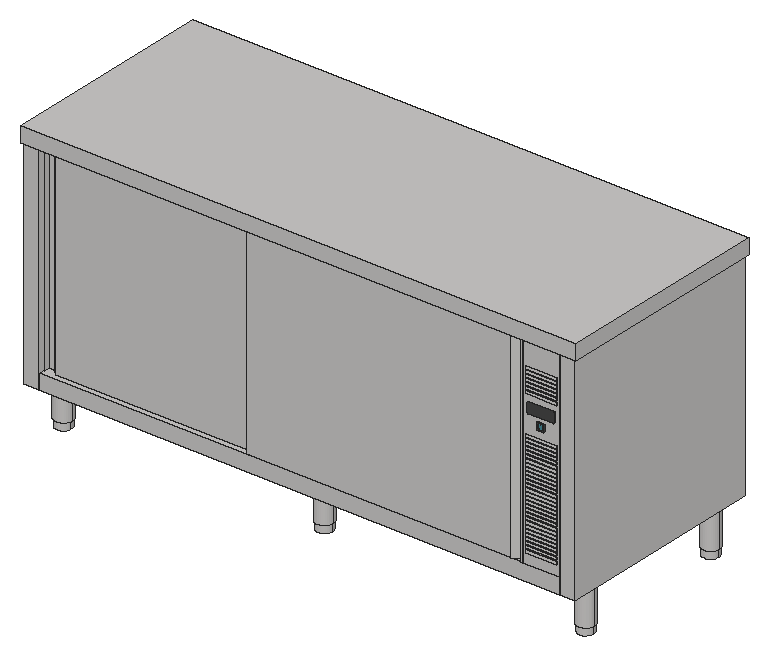
Revit family "QF_ZANUSSI_132789_MTC1800PN", category Attrezzature speciali, Revit 2020
Family settings
  Quota connettore circolare = Usa diametro
  Tipo di parte = Normale
  Basato su piano di lavoro = No
  Sempre verticale = Sì
  Taglio con vuoti quando caricato = No
  Condiviso = No
  Punto di calcolo locali = No
Parameters (values of type "Standard")
  Weight = 70.00 kg
  Watts = 2400 W
  Volts = 220 V
  URL Manufacturer = "http://www.zanussiprofessional.com"
  URL = "http://www.zanussiprofessional.com"
  Steam Supply Size = 0 mm
  Steam Supply Minimum Pressure = 0.0 Pa
  Steam Supply Maximum Pressure = 0.0 Pa
  Steam Consumption per Hour = 0
  Refrigeration Suction Line Size = 0.0 mm
  Refrigeration Liquid Line Size = 0.0 mm
  Refrigerant Compressor Remote = yes
  Prospetto di default = 0.0 mm
  Produttore = "Zanussi"
  Phase = 1
  Modello = "MTC1800PN"
  Length Actual = 1800.0 mm  # constant formula
  Item Number = "132789"
  Hot Water Size = 0 mm
  Height Actual = 900.0 mm  # constant formula
  HP = "3.2 HP"
  Gas Size = 0 mm
  Gas KW = 0
  Gas Input Pressure = 0 W
  Direct Waste Size = 0 mm
  Descrizione = "HOT CUPB.VENTIL.+SHELF+SLIDING D. 1800MM"
  Depth Actual = 700.0 mm  # constant formula
  Cycle = 50 Hz
  Condensate Return Size = 0 mm
  Compressed Air Volume = 0.0 L/s
  Compressed Air Size = 0 mm
  Compressed Air Pressure = 0.0 Pa
  Cold Water Size = 0 mm
  Accessory = yes
Reference planes
  plane 1 "Center (Front/Back)": y = 0
  plane 2: z = 0
  plane 3 "Center (Left/Right)": x = -400
  plane 4 "LEFT": x = -1300
  plane 5 "RIGHT": x = 500
  plane 6 "BACK": y = 350
  plane 7 "FRONT": y = -350
  plane 8 "Base": z = 850
  plane 9 "TOP": z = 900
  plane 10: x = -1246.5
  plane 11: x = 446.5
  plane 12: y = 264.5
  plane 13: y = -241.5
  plane 14 "BodyLeft": x = -1294.5
  plane 15 "BodyFront": y = -344.5
  plane 16 "BodyRight": x = 494.5
  plane 17 "BodyBack": y = 344.5
  plane 18 "FEET": z = 150
  plane 19: x = 324.5
  plane 20: x = -461
  plane 21: x = 444.5
  plane 22 "EIx": x = 400
  plane 23 "EIy": y = -170
Forms (mm)
  Extrusion 1, solid, material "QF_Finishes_Stainless Steel"
    sketch origin (-400, 0, 0) x (0, 1, 0) y (0, 0, 1)
      loop
        line (-350, 850) -> (350, 850) -> (350, 900) -> (-350, 900) -> (-350, 850)
    from 900 to -900
  Extrusion 2, solid, material "QF_Finishes_Stainless Steel"
    sketch origin (0, 0, 150) x (-1, 0, 0) y (0, -1, 0)
      loop
        line (1294.5, -344.5) -> (1294.5, 344.5) -> (1244.5, 344.5) -> (1244.5, -344.5) -> (1294.5, -344.5)
      loop
        line (-444.5, -344.5) -> (-444.5, 344.5) -> (-494.5, 344.5) -> (-494.5, -344.5) -> (-444.5, -344.5)
    from 0 to 700
  Extrusion 3, solid, material "QF_Finishes_Stainless Steel"
    sketch origin (0, 0, 150) x (-1, 0, 0) y (0, -1, 0)
      loop
        line (1244.5, -344.5) -> (1244.5, 344.5) -> (-444.5, 344.5) -> (-444.5, -344.5) -> (1244.5, -344.5)
    from 0 to 50
  Extrusion 4, solid, material "QF_Finishes_Stainless Steel"
    sketch origin (-1, 0, 150) x (-1, 0, 0) y (0, -1, 0)
      loop
        line (-325.5, 344.5) -> (-325.5, 324.5) -> (570.5, 324.5) -> (570.5, 344.5) -> (-285.5, 344.5) -> (-305.5, 329.5) -> (-320.5, 329.5) -> (-320.5, 344.5) -> (-325.5, 344.5)
    from 50 to 700
  Extrusion 5, solid, material "QF_Finishes_Stainless Steel"
    sketch origin (1, 20, 150) x (1, 0, 0) y (0, 1, 0)
      loop
        line (-1245.5, -344.5) -> (-1240.5, -344.5) -> (-1240.5, -329.5) -> (-1225.5, -329.5) -> (-1205.5, -344.5) -> (-351.5, -344.5) -> (-351.5, -324.5) -> (-1245.5, -324.5) -> (-1245.5, -344.5)
    from 50 to 700
  Extrusion 6, solid, material "QF_Finishes_Stainless Steel"
    sketch origin (0, 0, 0) x (1, 0, 0) y (0, 1, 0)
      loop
        line (-1244.5, -304.5) -> (324.5, -304.5) -> (324.5, 324.5) -> (-1244.5, 324.5) -> (-1244.5, -304.5)
    from 500 to 540
  Extrusion 7, solid, material "QF_Finishes_Stainless Steel"
    sketch origin (0, 0, 0) x (1, 0, 0) y (0, 1, 0)
      loop
        line (444.5, 344.5) -> (-1244.5, 344.5) -> (-1244.5, 324.5) -> (444.5, 324.5) -> (444.5, 344.5)
    from 200 to 850
  Extrusion 8, solid, material "QF_Finishes_Stainless Steel"
    sketch origin (0, 0, 150) x (-1, 0, 0) y (0, -1, 0)
      loop
        circle (-400, 170) r 10
    from 0 to -5
Cuts and joins
  joined: Extrusion 3, Extrusion 7
Lines and regions (mm)
  symbolic lines
    curve 1: line (500, 350, 900) -> (-1300, 350, 900)
    curve 2: line (-1300, 350, 900) -> (-1300, -350, 900)
    curve 3: line (-1300, -350, 900) -> (500, -350, 900)
    curve 4: line (500, -350, 900) -> (500, 350, 900)
  symbolic lines, style "SpecialityEquipmentHiddenLines"
    curve 5: line (-1294.5, 344.5, 150) -> (494.5, 344.5, 150)
    curve 6: line (-1294.5, -344.5, 150) -> (-1294.5, 344.5, 150)
    curve 7: line (494.5, -344.5, 150) -> (-1294.5, -344.5, 150)
    curve 8: line (494.5, 344.5, 150) -> (494.5, -344.5, 150)
    curve 9: line (-1245.5, -304.5, 150) -> (-349.5, -304.5, 150)
    curve 10: line (-349.5, -304.5, 150) -> (-349.5, -324.5, 150)
    curve 11: line (-1245.5, -324.5, 150) -> (444.5, -324.5, 150)
    curve 12: line (444.5, -324.5, 150) -> (444.5, -344.5, 150)
    curve 13: line (-1245.5, -304.5, 150) -> (-1245.5, -324.5, 150)
    curve 14: line (-571.5, -344.5, 0) -> (-571.5, -324.5, 0)
Dimensions and locks
  plane 4 "LEFT" to plane 5 "RIGHT" = 1800.0 mm
  equal spacing: plane 4 "LEFT", plane 3 "Center (Left/Right)", plane 5 "RIGHT"
  locked: plane 8 "Base" to level at 850
  plane 9 "TOP" to level = 900.0 mm
  plane 6 "BACK" to plane 7 "FRONT" = 700.0 mm
  equal spacing: plane 6 "BACK", plane 1 "Center (Front/Back)", plane 7 "FRONT"
  locked: plane 4 "LEFT" to plane 14 "BodyLeft" at 5.5
  locked: plane 16 "BodyRight" to plane 5 "RIGHT" at 5.5
  locked: plane 15 "BodyFront" to plane 7 "FRONT" at 5.5
  locked: plane 6 "BACK" to plane 17 "BodyBack" at 5.5
  locked: plane 14 "BodyLeft" to plane 10 at 48
  locked: plane 11 to plane 16 "BodyRight" at 48
  locked: plane 13 to plane 15 "BodyFront" at 103
  locked: plane 17 "BodyBack" to plane 12 at 80
  plane 10 to plane 11 = 1693.0 mm
  plane 12 to plane 13 = 506.0 mm
  locked: plane 14 "BodyLeft" to Extrusion 2 sketch curve at 50
  locked: Extrusion 2 sketch curve to Extrusion 2 sketch curve at 50
  equal spacing: plane 10, plane 20, plane 19
  locked: plane 21 to plane 16 "BodyRight" at 50
  locked: plane 19 to plane 21 at 120
  locked: Extrusion 4 sketch curve to plane 20 at 110.5
  locked: plane 20 to Extrusion 5 sketch curve at 110.5
  locked: plane 18 "FEET" to level at 150
  locked: plane 22 "EIx" to plane 5 "RIGHT" at 100
  plane 23 "EIy" to plane 7 "FRONT" = 180.0 mm
  aligned and locked: level to plane 2
  aligned and locked: plane 10 to nested 1
  aligned and locked: nested 1 to plane 13
  aligned and locked: plane 11 to nested 2
  aligned and locked: nested 2 to plane 13
  aligned and locked: plane 11 to nested 4
  aligned and locked: nested 4 to plane 12
  aligned and locked: plane 10 to nested 3
  aligned and locked: nested 3 to plane 12
  aligned and locked: Extrusion 1 to plane 4 "LEFT"
  aligned and locked: plane 5 "RIGHT" to Extrusion 1
  aligned and locked: curve 2 to plane 4 "LEFT"
  aligned and locked: plane 17 "BodyBack" to Extrusion 2 sketch curve
  aligned and locked: Extrusion 2 sketch curve to plane 15 "BodyFront"
  aligned and locked: Extrusion 2 sketch curve to plane 14 "BodyLeft"
  aligned and locked: plane 16 "BodyRight" to Extrusion 2 sketch curve
  aligned and locked: Extrusion 2 sketch curve to plane 17 "BodyBack"
  aligned and locked: plane 15 "BodyFront" to Extrusion 2 sketch curve
  aligned and locked: Extrusion 3 sketch curve to plane 17 "BodyBack"
  aligned and locked: plane 15 "BodyFront" to Extrusion 3 sketch curve
  aligned and locked: plane 8 "Base" to Extrusion 2
  aligned and locked: plane 8 "Base" to Extrusion 4
  aligned and locked: Extrusion 4 to Extrusion 3
  aligned and locked: Extrusion 1 to plane 8 "Base"
  aligned and locked: plane 9 "TOP" to Extrusion 1
  aligned and locked: curve 5 to plane 17 "BodyBack"
  aligned and locked: plane 14 "BodyLeft" to curve 6
  aligned and locked: plane 15 "BodyFront" to curve 7
  aligned and locked: plane 16 "BodyRight" to curve 8
  aligned and locked: Extrusion 3 to Extrusion 2  (x2)
  aligned and locked: Extrusion 6 sketch curve to Extrusion 2
  aligned and locked: Extrusion 6 sketch curve to Extrusion 5
  aligned and locked: nested 5 to plane 21
  aligned and locked: Extrusion 7 sketch curve to Extrusion 2
  aligned and locked: Extrusion 6 sketch curve to plane 19
  aligned and locked: plane 3 "Center (Left/Right)" to nested 6
  aligned and locked: plane 3 "Center (Left/Right)" to nested 7
Automatic sketch dimensions
  curve 14 to plane 15 "BodyFront" = 0.0 mm
  plane 15 "BodyFront" to curve 14 = 20.0 mm
  curve 14 to plane 20 = 110.5 mm
  curve 3 to plane 7 "FRONT" = 0.0 mm
  curve 4 to plane 6 "BACK" = 0.0 mm
  Extrusion 1 sketch curve to plane 7 "FRONT" = 0.0 mm
  Extrusion 1 sketch curve to plane 6 "BACK" = 0.0 mm
  Extrusion 1 sketch curve to plane 8 "Base" = 0.0 mm
  Extrusion 1 sketch curve to plane 9 "TOP" = 0.0 mm
  Extrusion 3 sketch curve to plane 21 = 0.0 mm
  plane 10 to Extrusion 3 sketch curve = 2.0 mm
  Extrusion 4 sketch curve to plane 19 = 0.0 mm
  Extrusion 4 sketch curve to plane 15 "BodyFront" = 0.0 mm  (x2)
  Extrusion 4 sketch curve to Extrusion 4 sketch curve = 5.0 mm
  Extrusion 4 sketch curve to Extrusion 4 sketch curve = 15.0 mm  (x2)
  Extrusion 4 sketch curve to Extrusion 4 sketch curve = 20.0 mm  (x2)
  Extrusion 5 sketch curve to plane 15 "BodyFront" = 20.0 mm  (x2)
  Extrusion 5 sketch curve to plane 10 = 42.0 mm
  Extrusion 5 sketch curve to plane 10 = 22.0 mm
  Extrusion 5 sketch curve to plane 10 = 7.0 mm
  Extrusion 5 sketch curve to plane 10 = 2.0 mm
  Extrusion 5 sketch curve to Extrusion 5 sketch curve = 15.0 mm
  Extrusion 5 sketch curve to Extrusion 5 sketch curve = 20.0 mm
  curve 12 to plane 21 = 0.0 mm
  curve 7 to plane 15 "BodyFront" = 0.0 mm
  plane 3 "Center (Left/Right)" to curve 9 = 50.5 mm
  plane 10 to curve 11 = 1.0 mm
  plane 15 "BodyFront" to curve 9 = 40.0 mm
  curve 11 to curve 12 = 20.0 mm
  plane 12 to Extrusion 6 sketch curve = 60.0 mm
  Extrusion 7 sketch curve to plane 17 "BodyBack" = 0.0 mm
  Extrusion 7 sketch curve to plane 21 = 0.0 mm
  Extrusion 7 sketch curve to plane 17 "BodyBack" = 20.0 mm
  curve 4 to plane 5 "RIGHT" = 0.0 mm
  Extrusion 8 sketch curve to plane 22 "EIx" = 0.0 mm
  Extrusion 8 sketch curve to plane 23 "EIy" = 0.0 mm
  radius of Extrusion 8 sketch curve = 10.0 mm
Nested families
  nested 1: "FEET_D58-150" at (-1246.5, -241.5, 0), type "FEET_D58-150"
  nested 2: "FEET_D58-150" at (446.5, -241.5, 0), type "FEET_D58-150"
  nested 3: "FEET_D58-150" at (-1246.5, 264.5, 0), type "FEET_D58-150"
  nested 4: "FEET_D58-150" at (446.5, 264.5, 0), type "FEET_D58-150"
  nested 5: "WT_PNL120x650" at (531.42, -304.5, 600) x (1, 0, 0) z (0, -1, 0), type "WT_PNL120x650"
    with Show Logo yes
  nested 6: "FEET_D58-150" at (-400, -241.5, 0), type "FEET_D58-150"
  nested 7: "FEET_D58-150" at (-400, 264.5, 0), type "FEET_D58-150"
Connectors
  electrical at (400, -170, 145)
    settings: on Extrusion 8, index 1, voltage 0 V, apparent load 0 VA, apparent load phase1 0 VA, apparent load phase2 0 VA, apparent load phase3 0 VA, power factor 1, load classification "Other", number of poles 1, system type 30, power factor state 1, is connector primary yes, connector utility no, sub classification motor no, connector description "Electrical connection"
Definition of nested family "FEET_D58-150"
  Parameters
    Default Elevation = 0.0 mm
    FEET = 150.0 mm
  Reference planes
    plane 1 "Center (Front/Back)": y = 0
    plane 2: z = 0
    plane 3 "Center (Left/Right)": x = 0
    plane 4: z = 150
  Forms (mm)
    Extrusion 1, solid
      sketch origin (0, 0, 0) x (1, 0, 0) y (0, 1, 0)
        loop
          circle (0, 0) r 25
      from 0 to 25
    Extrusion 2, solid
      sketch origin (0, 0, 0) x (1, 0, 0) y (0, 1, 0)
        loop
          circle (0.061, 0) r 29
      from 25 to 150 <- "FEET"
  Lines and regions (mm)
    symbolic lines
      curve 1: line (0, -1.503, 0) -> (0, 1.508, 0)
      curve 2: line (1.561, 0, 0) -> (-1.439, 0, 0)
  Dimensions and locks
    "FEET": plane 4 to plane 2
    aligned and locked: level to plane 2
  Automatic sketch dimensions
    plane 1 "Center (Front/Back)" to Extrusion 1 sketch curve = 0.0 mm
    Extrusion 1 sketch curve to plane 3 "Center (Left/Right)" = 0.0 mm
    plane 1 "Center (Front/Back)" to curve 2 = 0.0 mm
    curve 1 to plane 3 "Center (Left/Right)" = 0.0 mm
    curve 2 to plane 3 "Center (Left/Right)" = 1.439 mm
    plane 3 "Center (Left/Right)" to curve 2 = 1.561 mm
    plane 1 "Center (Front/Back)" to curve 1 = 1.503 mm
    curve 1 to plane 1 "Center (Front/Back)" = 1.508 mm
    plane 1 "Center (Front/Back)" to Extrusion 2 sketch curve = 0.0 mm
    plane 3 "Center (Left/Right)" to Extrusion 2 sketch curve = 0.061 mm
    radius of Extrusion 1 sketch curve = 25.0 mm
    radius of Extrusion 2 sketch curve = 29.0 mm
Definition of nested family "WT_PNL120x650"
  Parameters
    Show Logo [instance] = yes
    Default Elevation = 1219.2 mm
  Reference planes
    plane 1 "Center (Front/Back)": y = -75
    plane 2: z = 0
    plane 3 "Center (Left/Right)": x = -146.92
    plane 4: x = -206.92
    plane 5: x = -86.92
    plane 6: y = 250
    plane 7: y = -400
    plane 8 "TOP": z = 40
  Forms (mm)
    Extrusion 1, solid
      sketch origin (0, 0, 0) x (1, 0, 0) y (0, 1, 0)
        loop
          line (-1219.2, 1219.2) -> (-1219.2, -1219.2) -> (1219.2, -1219.2) -> (1219.2, 1219.2) -> (-1219.2, 1219.2)
      from 0 to -304.8
    Extrusion 2, solid
      sketch origin (0, 0, 0) x (1, 0, 0) y (0, 1, 0)
        loop
          line (-206.92, 250) -> (-206.92, -400) -> (-86.92, -400) -> (-86.92, 250) -> (-206.92, 250)
      from 0 to 40
    Extrusion 3, void
      sketch origin (0, 0, 40) x (-1, 0, 0) y (0, -1, 0)
        loop
          arc (101.92, -68.899) -> (103.795, -73.256) -> (108.247, -74.89) r 6
          line (108.247, -74.89) -> (185.92, -74.89)
          arc (185.92, -74.89) -> (190.163, -73.133) -> (191.92, -68.89) r 6
          line (191.92, -68.89) -> (191.92, -45.89)
          arc (191.92, -45.89) -> (190.163, -41.648) -> (185.92, -39.89) r 6
          line (185.92, -39.89) -> (107.92, -39.89)
          arc (107.92, -39.89) -> (103.677, -41.648) -> (101.92, -45.89) r 6
          line (101.92, -45.89) -> (101.92, -68.899)
        loop
          line (158.92, -27.89) -> (158.92, -2.89) -> (134.92, -2.89) -> (134.92, -27.89) -> (158.92, -27.89)
      from -2 to 0
    Extrusion 4, solid
      sketch origin (0, 0, 40) x (-1, 0, 0) y (0, -1, 0)
        loop
          line (185.92, -39.89) -> (107.92, -39.89)
          arc (107.92, -39.89) -> (103.677, -41.648) -> (101.92, -45.89) r 6
          line (101.92, -45.89) -> (101.92, -68.899)
          arc (101.92, -68.899) -> (103.795, -73.256) -> (108.247, -74.89) r 6
          line (108.247, -74.89) -> (185.92, -74.89)
          arc (185.92, -74.89) -> (190.163, -73.133) -> (191.92, -68.89) r 6
          line (191.92, -68.89) -> (191.92, -45.89)
          arc (191.92, -45.89) -> (190.163, -41.648) -> (185.92, -39.89) r 6
      from -2 to 1
    Extrusion 5, solid
      sketch origin (-146.92, 0, 0) x (0, 1, 0) y (0, 0, 1)
        loop
          line (95.896, 40) -> (104.899, 40) -> (95.896, 41.206) -> (95.896, 40)
        loop
          line (107.896, 40) -> (116.899, 40) -> (107.896, 41.206) -> (107.896, 40)
        loop
          line (119.896, 40) -> (128.899, 40) -> (119.896, 41.206) -> (119.896, 40)
        loop
          line (131.896, 40) -> (140.899, 40) -> (131.896, 41.206) -> (131.896, 40)
        loop
          line (143.896, 40) -> (152.899, 40) -> (143.896, 41.206) -> (143.896, 40)
        loop
          line (155.896, 40) -> (164.899, 40) -> (155.896, 41.206) -> (155.896, 40)
        loop
          line (167.896, 40) -> (176.899, 40) -> (167.896, 41.206) -> (167.896, 40)
        loop
          line (-102.104, 40) -> (-93.101, 40) -> (-102.104, 41.206) -> (-102.104, 40)
        loop
          line (-90.104, 40) -> (-81.101, 40) -> (-90.104, 41.206) -> (-90.104, 40)
        loop
          line (-78.104, 40) -> (-69.101, 40) -> (-78.104, 41.206) -> (-78.104, 40)
        loop
          line (-66.104, 40) -> (-57.101, 40) -> (-66.104, 41.206) -> (-66.104, 40)
        loop
          line (-54.104, 40) -> (-45.101, 40) -> (-54.104, 41.206) -> (-54.104, 40)
        loop
          line (-42.104, 40) -> (-33.101, 40) -> (-42.104, 41.206) -> (-42.104, 40)
        loop
          line (-30.104, 40) -> (-21.101, 40) -> (-30.104, 41.206) -> (-30.104, 40)
        loop
          line (-174.104, 40) -> (-165.101, 40) -> (-174.104, 41.206) -> (-174.104, 40)
        loop
          line (-162.104, 40) -> (-153.101, 40) -> (-162.104, 41.206) -> (-162.104, 40)
        loop
          line (-150.104, 40) -> (-141.101, 40) -> (-150.104, 41.206) -> (-150.104, 40)
        loop
          line (-138.104, 40) -> (-129.101, 40) -> (-138.104, 41.206) -> (-138.104, 40)
        loop
          line (-126.104, 40) -> (-117.101, 40) -> (-126.104, 41.206) -> (-126.104, 40)
        loop
          line (-114.104, 40) -> (-105.101, 40) -> (-114.104, 41.206) -> (-114.104, 40)
        loop
          line (-246.104, 40) -> (-237.101, 40) -> (-246.104, 41.206) -> (-246.104, 40)
        loop
          line (-234.104, 40) -> (-225.101, 40) -> (-234.104, 41.206) -> (-234.104, 40)
        loop
          line (-222.104, 40) -> (-213.101, 40) -> (-222.104, 41.206) -> (-222.104, 40)
        loop
          line (-210.104, 40) -> (-201.101, 40) -> (-210.104, 41.206) -> (-210.104, 40)
        loop
          line (-198.104, 40) -> (-189.101, 40) -> (-198.104, 41.206) -> (-198.104, 40)
        loop
          line (-186.104, 40) -> (-177.101, 40) -> (-186.104, 41.206) -> (-186.104, 40)
        loop
          line (-318.104, 40) -> (-309.101, 40) -> (-318.104, 41.206) -> (-318.104, 40)
        loop
          line (-306.104, 40) -> (-297.101, 40) -> (-306.104, 41.206) -> (-306.104, 40)
        loop
          line (-294.104, 40) -> (-285.101, 40) -> (-294.104, 41.206) -> (-294.104, 40)
        loop
          line (-282.104, 40) -> (-273.101, 40) -> (-282.104, 41.206) -> (-282.104, 40)
        loop
          line (-270.104, 40) -> (-261.101, 40) -> (-270.104, 41.206) -> (-270.104, 40)
        loop
          line (-258.104, 40) -> (-249.101, 40) -> (-258.104, 41.206) -> (-258.104, 40)
        loop
          line (-366.104, 40) -> (-357.101, 40) -> (-366.104, 41.206) -> (-366.104, 40)
        loop
          line (-354.104, 40) -> (-345.101, 40) -> (-354.104, 41.206) -> (-354.104, 40)
        loop
          line (-342.104, 40) -> (-333.101, 40) -> (-342.104, 41.206) -> (-342.104, 40)
        loop
          line (-330.104, 40) -> (-321.101, 40) -> (-330.104, 41.206) -> (-330.104, 40)
      from -50 to 50
    Extrusion 6, solid
      sketch origin (0, 0, 40) x (-1, 0, 0) y (0, -1, 0)
        loop
          line (134.92, -27.89) -> (158.92, -27.89) -> (158.92, -2.89) -> (134.92, -2.89) -> (134.92, -27.89)
        loop
          circle (146.92, -15.39) r 9
      from -2 to 3
    Extrusion 7, solid
      sketch origin (0, 0, 40) x (-1, 0, 0) y (0, -1, 0)
        loop
          circle (146.92, -15.39) r 9
      from 0 to 3
  Cuts and joins
    Extrusion 3 cuts Extrusion 2
  Dimensions and locks
    equal spacing: plane 6, plane 1 "Center (Front/Back)", plane 7
    equal spacing: plane 4, plane 3 "Center (Left/Right)", plane 5
    plane 8 "TOP" to level = 40.0 mm
    aligned and locked: plane 2 to Extrusion 1
    aligned and locked: level to Extrusion 1
  Automatic sketch dimensions
    Extrusion 1 sketch curve to Extrusion 1 sketch curve = 2438.4 mm  (x2)
    Extrusion 2 sketch curve to plane 4 = 0.0 mm
    Extrusion 2 sketch curve to plane 5 = 0.0 mm
    Extrusion 2 sketch curve to plane 7 = 0.0 mm
    Extrusion 2 sketch curve to plane 6 = 0.0 mm
    Extrusion 5 sketch curve to plane 8 "TOP" = 0.0 mm  (x36)
    Extrusion 5 sketch curve to Extrusion 5 sketch curve = 9.003 mm  (x35)
    plane 8 "TOP" to Extrusion 5 sketch curve = 1.206 mm  (x22)
    Extrusion 5 sketch curve to Extrusion 5 sketch curve = 2.997 mm  (x33)
    plane 1 "Center (Front/Back)" to Extrusion 5 sketch curve = 6.101 mm
    plane 1 "Center (Front/Back)" to Extrusion 5 sketch curve = 3.104 mm
    Extrusion 5 sketch curve to plane 1 "Center (Front/Back)" = 5.899 mm
    Extrusion 5 sketch curve to Extrusion 5 sketch curve = 116.997 mm
    Extrusion 5 sketch curve to Extrusion 5 sketch curve = 1.206 mm  (x14)
    Extrusion 4 sketch curve to plane 5 = 15.0 mm
    Extrusion 4 sketch curve to Extrusion 4 sketch curve = 6.0 mm  (x3)
    Extrusion 4 sketch curve to Extrusion 4 sketch curve = 0.327 mm
    plane 4 to Extrusion 4 sketch curve = 21.0 mm  (x2)
    Extrusion 4 sketch curve to plane 1 "Center (Front/Back)" = 149.89 mm
    Extrusion 4 sketch curve to Extrusion 4 sketch curve = 23.009 mm
    Extrusion 3 sketch curve to plane 5 = 15.0 mm
    Extrusion 3 sketch curve to Extrusion 3 sketch curve = 6.0 mm  (x3)
    Extrusion 3 sketch curve to Extrusion 3 sketch curve = 0.327 mm
    plane 3 "Center (Left/Right)" to Extrusion 3 sketch curve = 12.0 mm
    Extrusion 3 sketch curve to plane 3 "Center (Left/Right)" = 12.0 mm
    plane 4 to Extrusion 3 sketch curve = 21.0 mm  (x2)
    Extrusion 3 sketch curve to plane 1 "Center (Front/Back)" = 149.89 mm
    Extrusion 3 sketch curve to Extrusion 3 sketch curve = 23.0 mm
    Extrusion 3 sketch curve to Extrusion 3 sketch curve = 12.0 mm
    Extrusion 3 sketch curve to Extrusion 3 sketch curve = 25.0 mm
    Extrusion 6 sketch curve to plane 3 "Center (Left/Right)" = 0.0 mm
    plane 3 "Center (Left/Right)" to Extrusion 6 sketch curve = 12.0 mm
    Extrusion 6 sketch curve to plane 3 "Center (Left/Right)" = 12.0 mm
    Extrusion 6 sketch curve to plane 1 "Center (Front/Back)" = 102.89 mm
    Extrusion 6 sketch curve to Extrusion 6 sketch curve = 12.5 mm  (x2)
    Extrusion 7 sketch curve to plane 3 "Center (Left/Right)" = 0.0 mm
    Extrusion 7 sketch curve to plane 1 "Center (Front/Back)" = 90.39 mm
    radius of Extrusion 6 sketch curve = 9.0 mm
    radius of Extrusion 7 sketch curve = 9.0 mm
